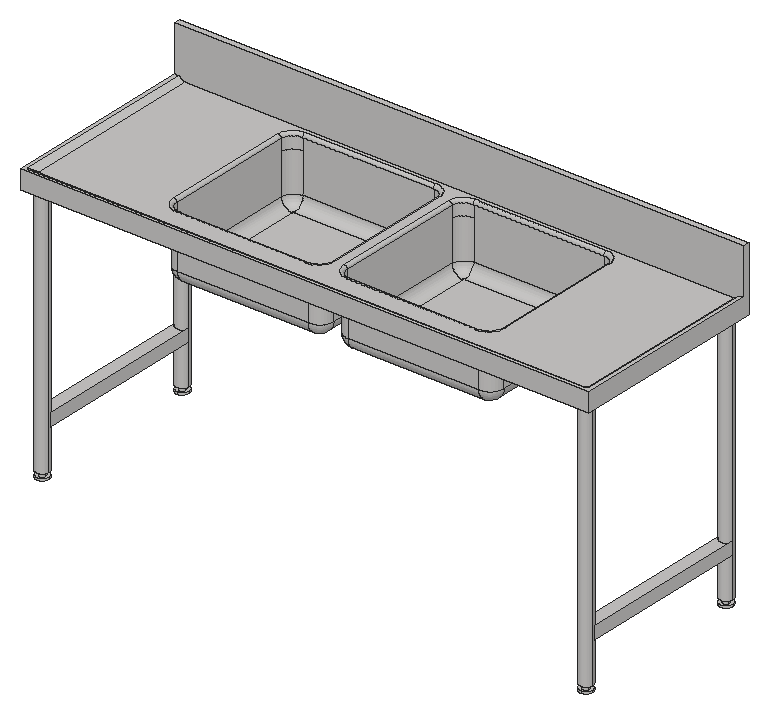
Revit family
Parameters (values of type "1850 X 650 Bowl Center")
  Material = Stainless Steel Grade 304
  Depth of Bowl = 230 mm
  Width of Bowl = 505 mm
  Length of Bowl = 505 mm
  Distance of Bowl = 220 mm
  Waste Connection Radius = Waste Connection Diameter / 2  # 20 mm
  Waste Connection Diameter = 40 mm
  WFU = 0
  URL = "http://www.autospec.co.za/browse.php?id=1644179283"
  Product Code = "None"
  OmniClass Title = ""
  OmniClass Number = ""
  Modspec Classification = ""
  Specification = ""
  Location (revit room) = ""
  Bowl Position [instance] = if(Bowl Position End, Distance of Bowl, if(Bowl Position Center, (Length / 2 - Length of Bowl - 25 mm), Distance of Bowl))  # 395 mm
  Description = ""
  Colour = none
  Bowl Position End = no
  Bowl Position Center = not(Bowl Position End)  # yes
  Body Finish = none
  Splashback Height = 150 mm
  Width = 650 mm
  Model = "Catering Sink Double Bowl Center Series KS2-1850 X 650"
  Manufacturer = "Kwikot"  # constant formula
  Length = 1850 mm
  Height = 1050 mm
  Assembly Code = "E1090300"
Reference planes
  plane 1 "Center (Front/Back)": y = 0
  plane 2 "Bottom": z = 0
  plane 3 "Center (Left/Right)": x = 0
  plane 4 "Left": x = -925
  plane 5 "Right": x = 925
  plane 6 "Front": y = -650
  plane 7 "Top": z = 1050
  plane 8: z = 900
  plane 9: z = 840
  plane 10: z = 670
  plane 11: y = -295
  plane 12: x = 277.5
  plane 13: x = -277.5
  plane 14: x = 530
  plane 15: x = -25
  plane 16: x = -530
  plane 17: x = 25
  plane 18: y = -42.5
  plane 19: y = -547.5
Forms (mm)
  Extrusion 1, solid, material "Stainless Steel Grade 304" <- "Material"
    sketch origin (-925, -491, 4000) x (0, -1, 0) y (0, 0, 1)
      loop
        line (-491, -3160) -> (159, -3160) -> (159, -3100) -> (-471, -3100) -> (-471, -2950) -> (-491, -2950) -> (-491, -3160)
    from 0 to -1850
  Blend 2, void
    base sketch origin (-779.234, -1524, 900) x (0, -1, 0) y (1, 0, 0)
      loop
        arc (-891, -133.766) -> (-887.464, -132.302) -> (-886, -128.766) r 5
        line (-886, -128.766) -> (-886, 1687.234)
        arc (-886, 1687.234) -> (-887.464, 1690.769) -> (-891, 1692.234) r 5
        line (-891, 1692.234) -> (-1504, 1692.234) -> (-1504, -133.766) -> (-891, -133.766)
    top sketch origin (-779.234, -1524, 900) x (0, -1, 0) y (1, 0, 0)
      loop
        line (-1504, -113.766) -> (-911, -113.766)
        arc (-911, -113.766) -> (-907.464, -112.302) -> (-906, -108.766) r 5
        line (-906, -108.766) -> (-906, 1667.234)
        arc (-906, 1667.234) -> (-907.464, 1670.769) -> (-911, 1672.234) r 5
        line (-911, 1672.234) -> (-1504, 1672.234) -> (-1504, -113.766)
    from 0 to -12
  Extrusion 3, void
    sketch origin (-779.234, -1524, 840) x (0, -1, 0) y (-1, 0, 0)
      loop
        line (-1481.5, -844.234) -> (-1481.5, -1269.234)
        arc (-1481.5, -1269.234) -> (-1469.784, -1297.518) -> (-1441.5, -1309.234) r 40
        line (-1441.5, -1309.234) -> (-1016.5, -1309.234)
        arc (-1016.5, -1309.234) -> (-988.216, -1297.518) -> (-976.5, -1269.234) r 40
        line (-976.5, -1269.234) -> (-976.5, -844.234)
        arc (-976.5, -844.234) -> (-988.216, -815.949) -> (-1016.5, -804.234) r 40
        line (-1016.5, -804.234) -> (-1441.5, -804.234)
        arc (-1441.5, -804.234) -> (-1469.784, -815.949) -> (-1481.5, -844.234) r 40
      loop
        arc (-1481.5, -714.234) -> (-1469.784, -742.518) -> (-1441.5, -754.234) r 40
        line (-1441.5, -754.234) -> (-1016.5, -754.234)
        arc (-1016.5, -754.234) -> (-988.216, -742.518) -> (-976.5, -714.234) r 40
        line (-976.5, -714.234) -> (-976.5, -289.234)
        arc (-976.5, -289.234) -> (-988.216, -260.949) -> (-1016.5, -249.234) r 40
        line (-1016.5, -249.234) -> (-1441.5, -249.234)
        arc (-1441.5, -249.234) -> (-1469.784, -260.949) -> (-1481.5, -289.234) r 40
        line (-1481.5, -289.234) -> (-1481.5, -714.234)
    from 0 to -60
  Sweep 4, solid, material "Stainless Steel Grade 304" <- "Material"
    path origin (-779.234, -1524, 900) x (-1, 0, 0) y (0, -1, 0)
      loop
        line (-804.234, -1441.5) -> (-804.234, -1016.5)
        arc (-804.234, -1016.5) -> (-815.949, -988.216) -> (-844.234, -976.5) r 40
        line (-844.234, -976.5) -> (-1269.234, -976.5)
        arc (-1269.234, -976.5) -> (-1297.518, -988.216) -> (-1309.234, -1016.5) r 40
        line (-1309.234, -1016.5) -> (-1309.234, -1441.5)
        arc (-1309.234, -1441.5) -> (-1297.518, -1469.784) -> (-1269.234, -1481.5) r 40
        line (-1269.234, -1481.5) -> (-844.234, -1481.5)
        arc (-844.234, -1481.5) -> (-815.949, -1469.784) -> (-804.234, -1441.5) r 40
    profile origin (25, -295, 900) x (1, 0, 0) y (0, 0, 1)
      loop
        line (0, -12) -> (-5, -12) -> (-5, -190)
        arc (-5, -190) -> (6.716, -218.284) -> (35, -230) r 40
        line (35, -230) -> (35, -225)
        arc (35, -225) -> (10.251, -214.749) -> (0, -190) r 35
        line (0, -190) -> (0, -12)
  Sweep 5, solid, material "Stainless Steel Grade 304" <- "Material"
    path origin (-779.234, -1524, 900) x (-1, 0, 0) y (0, -1, 0)
      loop
        line (-249.234, -1441.5) -> (-249.234, -1016.5)
        arc (-249.234, -1016.5) -> (-260.949, -988.216) -> (-289.234, -976.5) r 40
        line (-289.234, -976.5) -> (-714.234, -976.5)
        arc (-714.234, -976.5) -> (-742.518, -988.216) -> (-754.234, -1016.5) r 40
        line (-754.234, -1016.5) -> (-754.234, -1441.5)
        arc (-754.234, -1441.5) -> (-742.518, -1469.784) -> (-714.234, -1481.5) r 40
        line (-714.234, -1481.5) -> (-289.234, -1481.5)
        arc (-289.234, -1481.5) -> (-260.949, -1469.784) -> (-249.234, -1441.5) r 40
    profile origin (-530, -295, 900) x (1, 0, 0) y (0, 0, 1)
      loop
        line (0, -12) -> (-5, -12) -> (-5, -190)
        arc (-5, -190) -> (6.716, -218.284) -> (35, -230) r 40
        line (35, -230) -> (35, -225)
        arc (35, -225) -> (10.251, -214.749) -> (0, -190) r 35
        line (0, -190) -> (0, -12)
  Extrusion 6, solid, material "Stainless Steel Grade 304" <- "Material"
    sketch origin (-779.234, -1524, 670) x (-1, 0, 0) y (0, -1, 0)
      loop
        arc (-284.234, -1016.5) -> (-285.698, -1012.964) -> (-289.234, -1011.5) r 5
        line (-289.234, -1011.5) -> (-714.234, -1011.5)
        arc (-714.234, -1011.5) -> (-717.769, -1012.964) -> (-719.234, -1016.5) r 5
        line (-719.234, -1016.5) -> (-719.234, -1441.5)
        arc (-719.234, -1441.5) -> (-717.769, -1445.036) -> (-714.234, -1446.5) r 5
        line (-714.234, -1446.5) -> (-289.234, -1446.5)
        arc (-289.234, -1446.5) -> (-285.698, -1445.036) -> (-284.234, -1441.5) r 5
        line (-284.234, -1441.5) -> (-284.234, -1016.5)
      loop
        circle (-501.734, -1229) r 26
    from 0 to 5
  Extrusion 7, solid, material "Stainless Steel Grade 304" <- "Material"
    sketch origin (-779.234, -1524, 670) x (-1, 0, 0) y (0, -1, 0)
      loop
        arc (-839.234, -1016.5) -> (-840.698, -1012.964) -> (-844.234, -1011.5) r 5
        line (-844.234, -1011.5) -> (-1269.234, -1011.5)
        arc (-1269.234, -1011.5) -> (-1272.769, -1012.964) -> (-1274.234, -1016.5) r 5
        line (-1274.234, -1016.5) -> (-1274.234, -1441.5)
        arc (-1274.234, -1441.5) -> (-1272.769, -1445.036) -> (-1269.234, -1446.5) r 5
        line (-1269.234, -1446.5) -> (-844.234, -1446.5)
        arc (-844.234, -1446.5) -> (-840.698, -1445.036) -> (-839.234, -1441.5) r 5
        line (-839.234, -1441.5) -> (-839.234, -1016.5)
      loop
        circle (-1056.734, -1229) r 26
    from 0 to 5
  Blend 8, solid, material "Stainless Steel Grade 304" <- "Material"
    base sketch origin (-779.234, -1524, 670) x (-1, 0, 0) y (0, -1, 0)
      loop
        circle (-501.734, -1229) r 26
    top sketch origin (-779.234, -1524, 670) x (-1, 0, 0) y (0, -1, 0)
      loop
        circle (-501.734, -1229) r 20
    from 0 to -5
  Blend 9, solid, material "Stainless Steel Grade 304" <- "Material"
    base sketch origin (-779.234, -1524, 670) x (-1, 0, 0) y (0, -1, 0)
      loop
        circle (-1056.734, -1229) r 26
    top sketch origin (-779.234, -1524, 670) x (-1, 0, 0) y (0, -1, 0)
      loop
        circle (-1056.734, -1229) r 20
    from 0 to -5
  Sweep 10, void
    path origin (-779.234, -1524, 900) x (-1, 0, 0) y (0, -1, 0)
      loop
        line (-249.234, -1441.5) -> (-249.234, -1016.5)
        arc (-249.234, -1016.5) -> (-260.949, -988.216) -> (-289.234, -976.5) r 40
        line (-289.234, -976.5) -> (-714.234, -976.5)
        arc (-714.234, -976.5) -> (-742.518, -988.216) -> (-754.234, -1016.5) r 40
        line (-754.234, -1016.5) -> (-754.234, -1441.5)
        arc (-754.234, -1441.5) -> (-742.518, -1469.784) -> (-714.234, -1481.5) r 40
        line (-714.234, -1481.5) -> (-289.234, -1481.5)
        arc (-289.234, -1481.5) -> (-260.949, -1469.784) -> (-249.234, -1441.5) r 40
    profile origin (-530, -295, 900) x (1, 0, 0) y (0, 0, 1)
      loop
        line (0, -12) -> (-10, -12)
        arc (-10, -12) -> (-2.929, -14.929) -> (0, -22) r 10
        line (0, -22) -> (0, -12)
  Sweep 11, void
    path origin (-779.234, -1524, 900) x (-1, 0, 0) y (0, -1, 0)
      loop
        line (-804.234, -1441.5) -> (-804.234, -1016.5)
        arc (-804.234, -1016.5) -> (-815.949, -988.216) -> (-844.234, -976.5) r 40
        line (-844.234, -976.5) -> (-1269.234, -976.5)
        arc (-1269.234, -976.5) -> (-1297.518, -988.216) -> (-1309.234, -1016.5) r 40
        line (-1309.234, -1016.5) -> (-1309.234, -1441.5)
        arc (-1309.234, -1441.5) -> (-1297.518, -1469.784) -> (-1269.234, -1481.5) r 40
        line (-1269.234, -1481.5) -> (-844.234, -1481.5)
        arc (-844.234, -1481.5) -> (-815.949, -1469.784) -> (-804.234, -1441.5) r 40
    profile origin (25, -295, 900) x (1, 0, 0) y (0, 0, 1)
      loop
        line (0, -12) -> (-10, -12)
        arc (-10, -12) -> (-2.929, -14.929) -> (0, -22) r 10
        line (0, -22) -> (0, -12)
  Extrusion 12, solid, material "Stainless Steel Grade 304" <- "Material"
    sketch origin (0, 0, 0) x (1, 0, 0) y (0, 1, 0)
      loop
        circle (-885, -610) r 21
      loop
        circle (-885, -40) r 21
      loop
        circle (885, -610) r 21
      loop
        circle (885, -40) r 21
    from 0 to 5
  Extrusion 13, solid, material "Stainless Steel Grade 304" <- "Material"
    sketch origin (0, 0, 0) x (1, 0, 0) y (0, 1, 0)
      loop
        circle (885, -610) r 10
      loop
        circle (885, -40) r 10
      loop
        circle (-885, -40) r 10
      loop
        circle (-885, -610) r 10
    from 5 to 20
  Extrusion 14, solid, material "Stainless Steel Grade 304" <- "Material"
    sketch origin (-779.234, -1524, 840) x (-1, 0, 0) y (0, -1, 0)
      loop
        circle (105.766, -914) r 21
      loop
        circle (105.766, -1484) r 21
      loop
        circle (-1664.234, -1484) r 21
      loop
        circle (-1664.234, -914) r 21
    from 0 to -820
  Extrusion 15, solid, material "Stainless Steel Grade 304" <- "Material"
    sketch origin (0, 0, 0) x (1, 0, 0) y (0, 1, 0)
      loop
        line (-864, -610) -> (-864, -40)
        arc (-864, -40) -> (-885, -61) -> (-906, -40) r 21
        line (-906, -40) -> (-906, -610)
        arc (-906, -610) -> (-885, -589) -> (-864, -610) r 21
      loop
        line (864, -40) -> (864, -610)
        arc (864, -610) -> (885, -589) -> (906, -610) r 21
        line (906, -610) -> (906, -40)
        arc (906, -40) -> (885, -61) -> (864, -40) r 21
    from 150 to 190
Cuts and joins
  Blend 2, Extrusion 3, Sweep 10, Sweep 11 cuts Extrusion 1
  Sweep 10, Sweep 11 cuts Sweep 4
  Sweep 10, Sweep 11 cuts Sweep 5
  Sweep 10, Sweep 11 cuts Extrusion 6
  Sweep 10, Sweep 11 cuts Extrusion 7
  joined: Extrusion 1, Sweep 4, Sweep 5, Extrusion 6, Extrusion 7, Blend 8, Blend 9
Lines and regions (mm)
  symbolic lines
    curve 1: line (-925, 0, 750) -> (-925, -650, 750)
    curve 2: line (925, 0, 750) -> (-925, 0, 750)
    curve 3: line (925, -650, 750) -> (925, 0, 750)
    curve 4: line (-925, -650, 750) -> (925, -650, 750)
    curve 5: line (-925, -20, 750) -> (925, -20, 750)
    curve 6: line (-913, -633, 1050) -> (-913, -20, 1050)
    curve 7: arc (-908, -638, 1050) -> (-911.536, -636.536, 1050) -> (-913, -633, 1050) r 5
    curve 8: line (908, -638, 1050) -> (-908, -638, 1050)
    curve 9: line (-893, -20, 1050) -> (-893, -613, 1050)
    curve 10: arc (-893, -613, 1050) -> (-891.536, -616.536, 1050) -> (-888, -618, 1050) r 5
    curve 11: line (-888, -618, 1050) -> (888, -618, 1050)
    curve 12: arc (888, -618, 1050) -> (891.536, -616.536, 1050) -> (893, -613, 1050) r 5
    curve 13: line (893, -613, 1050) -> (893, -20, 1050)
    curve 14: arc (913, -633, 1050) -> (911.536, -636.536, 1050) -> (908, -638, 1050) r 5
    curve 15: line (913, -20, 1050) -> (913, -633, 1050)
    curve 16: line (490, -547.5, 1050) -> (65, -547.5, 1050)
    curve 17: arc (65, -547.5, 1050) -> (36.716, -535.784, 1050) -> (25, -507.5, 1050) r 40
    curve 18: line (25, -507.5, 1050) -> (25, -82.5, 1050)
    curve 19: arc (25, -82.5, 1050) -> (36.716, -54.216, 1050) -> (65, -42.5, 1050) r 40
    curve 20: line (65, -42.5, 1050) -> (490, -42.5, 1050)
    curve 21: arc (490, -42.5, 1050) -> (518.284, -54.216, 1050) -> (530, -82.5, 1050) r 40
    curve 22: line (530, -82.5, 1050) -> (530, -507.5, 1050)
    curve 23: arc (530, -507.5, 1050) -> (518.284, -535.784, 1050) -> (490, -547.5, 1050) r 40
    curve 24: line (-530, -82.5, 1050) -> (-530, -507.5, 1050)
    curve 25: arc (-530, -82.5, 1050) -> (-518.284, -54.216, 1050) -> (-490, -42.5, 1050) r 40
    curve 26: line (-65, -42.5, 1050) -> (-490, -42.5, 1050)
    curve 27: arc (-65, -42.5, 1050) -> (-36.716, -54.216, 1050) -> (-25, -82.5, 1050) r 40
    curve 28: line (-25, -507.5, 1050) -> (-25, -82.5, 1050)
    curve 31: arc (-25, -507.5, 1050) -> (-36.716, -535.784, 1050) -> (-65, -547.5, 1050) r 40
    curve 32: line (-490, -547.5, 1050) -> (-65, -547.5, 1050)
    curve 33: arc (-490, -547.5, 1050) -> (-518.284, -535.784, 1050) -> (-530, -507.5, 1050) r 40
  symbolic lines, detail levels fine
    curve 29: arc (-303.5, -295, 1050) -> (-277.5, -269, 1050) -> (-251.5, -295, 1050) r 26
    curve 30: arc (-251.5, -295, 1050) -> (-277.5, -321, 1050) -> (-303.5, -295, 1050) r 26
    curve 34: arc (303.5, -295, 1050) -> (277.5, -321, 1050) -> (251.5, -295, 1050) r 26
    curve 35: arc (251.5, -295, 1050) -> (277.5, -269, 1050) -> (303.5, -295, 1050) r 26
Dimensions and locks
  equal spacing: plane 4 "Left", plane 3 "Center (Left/Right)", plane 5 "Right"
  "Length": plane 4 "Left" to plane 5 "Right"
  "Width": plane 1 "Center (Front/Back)" to plane 6 "Front"
  "Height": plane 7 "Top" to level
  "Splashback Height": plane 7 "Top" to plane 8
  Blend 2 sketch curve to plane 6 "Front" = 12 mm
  plane 11 to plane 1 "Center (Front/Back)" = 295 mm
  Blend 2 sketch curve to var sketch = 20 mm  (x2)
  var sketch to Blend 2 sketch curve = 20 mm
  "Depth of Bowl": plane 8 to plane 10
  "Width of Bowl": plane 18 to plane 19
  "Length of Bowl": plane 16 to plane 15
  equal spacing: plane 16, plane 13, plane 15
  "Length of Bowl": plane 17 to plane 14
  equal spacing: plane 17, plane 12, plane 14
  plane 8 to plane 9 = 60 mm
  plane 4 "Left" to Extrusion 12 sketch curve = 40 mm  (x2)
  Extrusion 12 sketch curve to plane 6 "Front" = 40 mm  (x2)
  Extrusion 12 sketch curve to plane 1 "Center (Front/Back)" = 40 mm  (x2)
  Extrusion 12 sketch curve to plane 5 "Right" = 40 mm  (x2)
  Extrusion 13 sketch curve to plane 1 "Center (Front/Back)" = 40 mm  (x2)
  plane 4 "Left" to Extrusion 13 sketch curve = 40 mm  (x2)
  Extrusion 13 sketch curve to plane 6 "Front" = 40 mm  (x2)
  Extrusion 13 sketch curve to plane 5 "Right" = 40 mm  (x2)
  Extrusion 15 to plane 2 "Bottom" = 150 mm
  "Bowl Position": plane 14 to plane 5 "Right"
  plane 15 to plane 17 = 50 mm
  equal spacing: plane 18, plane 11, plane 19
  radius of Extrusion 3 sketch curve = 40 mm  (x8)
  radius of Extrusion 7 sketch curve = 26 mm
  "Waste Connection Radius": radius of Blend 8 sketch curve
  "Waste Connection Radius": radius of Blend 9 sketch curve
  radius of Extrusion 12 sketch curve = 21 mm  (x4)
  radius of Extrusion 13 sketch curve = 10 mm  (x4)
  aligned and locked: level to plane 2 "Bottom"
  aligned and locked: Extrusion 1 sketch curve to plane 9
  aligned and locked: Extrusion 1 sketch curve to plane 1 "Center (Front/Back)"
  aligned and locked: plane 8 to Extrusion 1 sketch curve
  aligned and locked: Extrusion 1 sketch curve to plane 6 "Front"
  aligned and locked: plane 7 "Top" to Extrusion 1 sketch curve
  aligned and locked: plane 4 "Left" to Extrusion 1
  aligned and locked: Extrusion 1 to plane 5 "Right"
  aligned and locked: var sketch to Blend 2 sketch curve
  aligned and locked: plane 8 to Extrusion 3
  aligned and locked: Extrusion 3 to plane 9
  aligned and locked: Sweep 4 sketch curve to cut or joined group 1 (Extrusion 1, Blend 2, Extrusion 3, Sweep 4, Sweep 5, Extrusion 6, Extrusion 7, Blend 8, Blend 9, Sweep 10, Sweep 11)  (x6)
  aligned and locked: curve 7 to cut or joined group 1
  aligned and locked: curve 9 to cut or joined group 1
  aligned and locked: curve 10 to cut or joined group 1
  aligned and locked: curve 12 to cut or joined group 1
  aligned and locked: curve 14 to cut or joined group 1
  aligned and locked: curve 15 to cut or joined group 1
  aligned and locked: curve 17 to cut or joined group 1
  aligned and locked: curve 19 to cut or joined group 1
  aligned and locked: curve 21 to cut or joined group 1
  aligned and locked: curve 23 to cut or joined group 1
  aligned and locked: Sweep 5 sketch curve to cut or joined group 1  (x6)
  aligned and locked: Extrusion 6 sketch curve to cut or joined group 1  (x4)
  aligned and locked: plane 11 to Extrusion 6 sketch curve
  aligned and locked: plane 13 to Extrusion 6 sketch curve
  aligned and locked: Extrusion 7 sketch curve to cut or joined group 1  (x4)
  aligned and locked: plane 11 to Extrusion 7 sketch curve
  aligned and locked: plane 12 to Extrusion 7 sketch curve
  aligned and locked: curve 25 to cut or joined group 1
  aligned and locked: curve 27 to cut or joined group 1
  aligned and locked: curve 29 to cut or joined group 1
  aligned and locked: curve 30 to cut or joined group 1
  aligned and locked: curve 31 to cut or joined group 1
  aligned and locked: curve 33 to cut or joined group 1
  aligned and locked: curve 34 to cut or joined group 1
  aligned and locked: curve 35 to cut or joined group 1
  aligned and locked: Blend 8 sketch curve to cut or joined group 1  (x2)
  aligned and locked: plane 11 to Blend 8 sketch curve
  aligned and locked: plane 13 to Blend 8 sketch curve
  aligned and locked: Blend 9 sketch curve to cut or joined group 1  (x2)
  aligned and locked: plane 11 to Blend 9 sketch curve
  aligned and locked: plane 12 to Blend 9 sketch curve
  aligned and locked: plane 10 to Sweep 5 sketch curve
  aligned and locked: plane 10 to Sweep 4 sketch curve
  aligned and locked: plane 18 to Extrusion 3 sketch curve
  aligned and locked: Extrusion 3 sketch curve to plane 18
  aligned and locked: plane 19 to Extrusion 3 sketch curve
  aligned and locked: Extrusion 3 sketch curve to plane 19
  aligned and locked: plane 16 to Extrusion 3 sketch curve
  aligned and locked: plane 15 to Extrusion 3 sketch curve
  aligned and locked: plane 17 to Extrusion 3 sketch curve
  aligned and locked: plane 14 to Extrusion 3 sketch curve
  aligned and locked: Sweep 10 sketch curve to cut or joined group 1  (x4)
  aligned and locked: profile plane to Sweep 10 sketch curve
  aligned and locked: cut or joined group 1 to Sweep 10 sketch curve
  aligned and locked: Sweep 11 sketch curve to cut or joined group 1  (x4)
  aligned and locked: profile plane to Sweep 11 sketch curve
  aligned and locked: cut or joined group 1 to Sweep 11 sketch curve
  aligned and locked: Extrusion 12 to plane 2 "Bottom"
  aligned and locked: Extrusion 13 to Extrusion 12
  aligned and locked: Extrusion 14 sketch curve to Extrusion 12  (x8)
  aligned and locked: plane 9 to Extrusion 14
  aligned and locked: Extrusion 14 to Extrusion 13
  aligned and locked: Extrusion 15 sketch curve to Extrusion 14  (x4)
Automatic sketch dimensions
  plane 1 "Center (Front/Back)" to Extrusion 1 sketch curve = 20 mm
  Blend 2 sketch curve to Blend 2 sketch curve = 5 mm  (x4)
  plane 1 "Center (Front/Back)" to Blend 2 sketch curve = 20 mm
  Blend 2 sketch curve to plane 4 "Left" = 12 mm
  plane 5 "Right" to Blend 2 sketch curve = 17 mm
  plane 1 "Center (Front/Back)" to curve 3 = 0 mm
  curve 3 to plane 5 "Right" = 0 mm
  curve 4 to plane 4 "Left" = 0 mm
  curve 4 to plane 6 "Front" = 0 mm
  curve 1 to curve 5 = 20 mm
  plane 1 "Center (Front/Back)" to curve 15 = 20 mm
  plane 1 "Center (Front/Back)" to curve 9 = 20 mm
  plane 1 "Center (Front/Back)" to curve 13 = 20 mm
  curve 6 to curve 9 = 0 mm
  Sweep 5 sketch curve to Sweep 5 sketch curve = 0 mm
  profile plane to Sweep 5 sketch curve = 5 mm
  Sweep 5 sketch curve to profile plane = 35 mm
  Sweep 4 sketch curve to Sweep 4 sketch curve = 0 mm
  profile plane to Sweep 4 sketch curve = 5 mm
  Sweep 4 sketch curve to Sweep 4 sketch curve = 35 mm
  Sweep 10 sketch curve to Sweep 10 sketch curve = 10 mm  (x3)
  Sweep 10 sketch curve to Sweep 10 sketch curve = 0 mm
  profile plane to Sweep 10 sketch curve = 0 mm
  Sweep 11 sketch curve to Sweep 11 sketch curve = 10 mm  (x3)
  Sweep 11 sketch curve to Sweep 11 sketch curve = 0 mm
  profile plane to Sweep 11 sketch curve = 0 mm
  radius of Extrusion 6 sketch curve = 26 mm
Connectors
  piping at (-277.5, -295, 665), driven by "Waste Connection Radius", driven by "WFU"
    settings: on Blend 8, index 1, connector radius 20 mm, flow factor 0, pipe flow 0.0 L/s, pressure drop 0.0 Pa, fitting loss kfactor 0, connector angle 0.00°, fixture units 0, flow configuration 3, flow direction 2, fitting loss method 0, system type 16, connector reference index -1, connector utility 0, adjustable connector no, is connector primary yes, fitting loss table "", connector description "Waste Connection"
  piping at (277.5, -295, 665), driven by "Waste Connection Radius", driven by "WFU"
    settings: on Blend 9, index 2, connector radius 20 mm, flow factor 0, pipe flow 0.0 L/s, pressure drop 0.0 Pa, fitting loss kfactor 0, connector angle 0.00°, fixture units 0, flow configuration 3, flow direction 2, fitting loss method 0, system type 16, connector reference index -1, connector utility 0, adjustable connector no, is connector primary no, fitting loss table "", connector description "Waste Connection"
